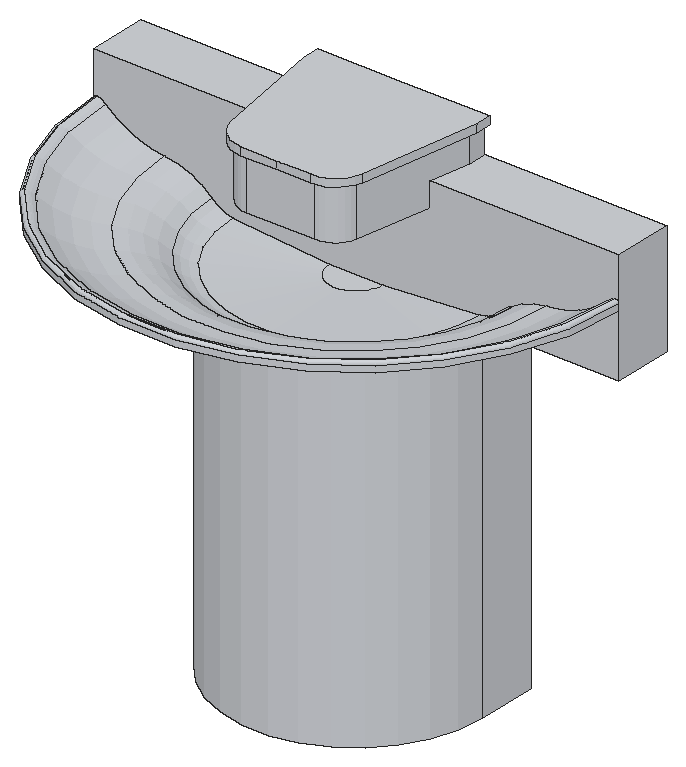
Revit family "Washfountain_Willoughby-WWF-4203-FLR", category Plumbing Fixtures, Revit 2015
Parameters
  URL = "https://www.willoughby-ind.com/wp-content/uploads/2018/01/WWF-4204.pdf"
  Revision = "A"
  Model = "WWF-4203-FLR"
  Manufacturer = "Willoughby Industries"
  Description = "3 Station Half Round 42\" Stainless Steel, Deep Bowl Washfountain, Floor Mounted"
  Contact Info = "(800) 428-4065"
Reference planes (in)
  plane 1 "Center (Front/Back)": y = 0
  plane 2: z = 0
  plane 3 "Center (Left/Right)": x = 0
Forms (in)
  Extrusion 1, solid
    sketch origin (0, 0, 24) x (1, 0, 0) y (0, 0, 1)
      loop
        line (-21, 22) -> (-21, 13) -> (21, 13) -> (21, 22) -> (-21, 22)
    from 0 to 4.75
  Revolve 2, solid
    sketch origin (0, 0, 24) x (0, 1, 0) y (0, 0, 1)
      loop
        line (-25.75, 18) -> (-25.645, 18) -> (-25.645, 18.5)
        arc (-25.645, 18.5) -> (-25.58946, 18.6144) -> (-25.4652, 18.64105) r 0.145
        arc (-25.4652, 18.64105) -> (-25.14236, 18.51684) -> (-24.86, 18.317) r 1.395
        arc (-24.86, 18.317) -> (-22.61273, 16.86456) -> (-20.015, 16.223) r 8.105
        arc (-20.015, 16.223) -> (-18.03072, 15.71473) -> (-16.34015, 14.55814) r 5.895
        arc (-16.34015, 14.55814) -> (-15.55, 13.99657) -> (-14.62519, 13.70603) r 3.105
        arc (-14.62519, 13.70603) -> (-10.76816, 13.27715) -> (-6.89, 13.134) r 52.566
        line (-6.89, 13.134) -> (-4.75, 13.134) -> (-4.75, 13.23892) -> (-6.89891, 13.23892)
        arc (-6.89891, 13.23892) -> (-10.76924, 13.38189) -> (-14.61847, 13.80999) r 52.461
        arc (-14.61847, 13.80999) -> (-15.51174, 14.0906) -> (-16.275, 14.63292) r 3
        arc (-16.275, 14.63292) -> (-17.99549, 15.81032) -> (-20.015, 16.32792) r 6
        arc (-20.015, 16.32792) -> (-22.58032, 16.9611) -> (-24.79922, 18.3952) r 8
        arc (-24.79922, 18.3952) -> (-25.10242, 18.60963) -> (-25.449, 18.743) r 1.5
        arc (-25.449, 18.743) -> (-25.65705, 18.69278) -> (-25.75, 18.5) r 0.25
        line (-25.75, 18.5) -> (-25.75, 18)
      axis (-4.75, 13.134) -> (-4.75, 18.743)
    angle from -90 to 90
  Revolve 3, solid
    sketch origin (0, 0, 0) x (0, 1, 0) y (0, 0, 1)
      loop
        line (-4.75, 37.134) -> (-6.891, 37.134)
        arc (-6.891, 37.134) -> (-10.76906, 37.27719) -> (-14.626, 37.706) r 52.58515
        arc (-14.626, 37.706) -> (-14.75098, 37.7272) -> (-14.875, 37.75349) r 3.10529
        line (-14.875, 37.75349) -> (-14.875, 9.01953) -> (-4.75, 9.01953) -> (-4.75, 37.134)
      axis (-4.75, 37.75349) -> (-4.75, 9.01953)
    angle from -90 to 90
  Extrusion 4, solid
    sketch origin (0, 0, 0) x (1, 0, 0) y (0, 0, 1)
      loop
        line (10.125, 9.01953) -> (10.125, 37) -> (-10.125, 37) -> (-10.125, 9.01953) -> (10.125, 9.01953)
    from 0 to 4.75
  Extrusion 5, solid
    sketch origin (0, 0, 0) x (1, 0, 0) y (0, 1, 0)
      loop
        line (0, 0) -> (-6.435, 0) -> (-6.435, -1.41) -> (-4.76251, -10.59501)
        arc (-4.76251, -10.59501) -> (-4.04002, -11.82218) -> (-2.695, -12.29) r 2.06528
        line (-2.695, -12.29) -> (2.695, -12.29)
        arc (2.695, -12.29) -> (4.04002, -11.82218) -> (4.76251, -10.59501) r 2.06528
        line (4.76251, -10.59501) -> (6.435, -1.41) -> (6.435, 0) -> (0, 0)
    from 44.01953 to 48.26953
  Extrusion 6, solid
    sketch origin (0, 0, 0) x (1, 0, 0) y (0, 1, 0)
      loop
        line (0, 0) -> (-6.875, 0) -> (-6.875, -1.28) -> (-5.255, -10.68)
        arc (-5.255, -10.68) -> (-4.40317, -12.16441) -> (-2.795, -12.75) r 2.49349
        line (-2.795, -12.75) -> (0, -12.75) -> (2.795, -12.75)
        arc (2.795, -12.75) -> (4.40317, -12.16441) -> (5.255, -10.68) r 2.49349
        line (5.255, -10.68) -> (6.875, -1.28) -> (6.875, 0) -> (0, 0)
    from 48.26953 to 48.89453
  Extrusion 7, solid
    sketch origin (0, 0, 0) x (1, 0, 0) y (0, 0, 1)
      loop
        circle (0, 32.75) r 0.75
      loop
        circle (5, 28.75) r 0.25
      loop
        circle (2, 28.75) r 0.25
    from -0.125 to 1
Lines and regions (in)
  reference lines
    curve 1: line (0, 0, 48.89453) -> (0, 0, 9.01953)
Dimensions and locks (in)
  aligned and locked: level to plane 2
  aligned and locked: Revolve 3 sketch curve to Revolve 3 sketch curve  (x2)
  aligned and locked: Extrusion 4 sketch curve to Revolve 3  (x2)
  aligned and locked: Revolve 3 to Extrusion 4 sketch curve
  aligned and locked: Extrusion 1 to Extrusion 4 sketch curve
Connectors (in)
  piping at (2, 0.125, 28.75), diameter 0.5
    settings: on Extrusion 7, index 1, connector inside diameter 24", connector length 0' - 0", flow factor 0, pipe flow 0 GPM, pressure drop 0.00 psi, fitting loss kfactor 0, connector angle 0.00°, fixture units 0, engagement length 0' - 0", angle of deflection 0.00°, flow configuration 0, flow direction 0, fitting loss method 0, system type 20, joint type 0, gender type 0, connector reference index -1, connector utility 0, adjustable connector no, is connector primary yes, connector description ""
  piping at (5, 0.125, 28.75), diameter 0.5
    settings: on Extrusion 7, index 2, connector inside diameter 24", connector length 0' - 0", flow factor 0, pipe flow 0 GPM, pressure drop 0.00 psi, fitting loss kfactor 0, connector angle 0.00°, fixture units 0, engagement length 0' - 0", angle of deflection 0.00°, flow configuration 0, flow direction 0, fitting loss method 0, system type 19, joint type 0, gender type 0, connector reference index -1, connector utility 0, adjustable connector no, is connector primary no, connector description ""
  piping at (0, 0.125, 32.75), diameter 1.5
    settings: on Extrusion 7, index 3, connector inside diameter 24", connector length 0' - 0", flow factor 0, pipe flow 0 GPM, pressure drop 0.00 psi, fitting loss kfactor 0, connector angle 0.00°, fixture units 0, engagement length 0' - 0", angle of deflection 0.00°, flow configuration 0, flow direction 0, fitting loss method 0, system type 7, joint type 0, gender type 0, connector reference index -1, connector utility 0, adjustable connector no, is connector primary no, connector description ""
